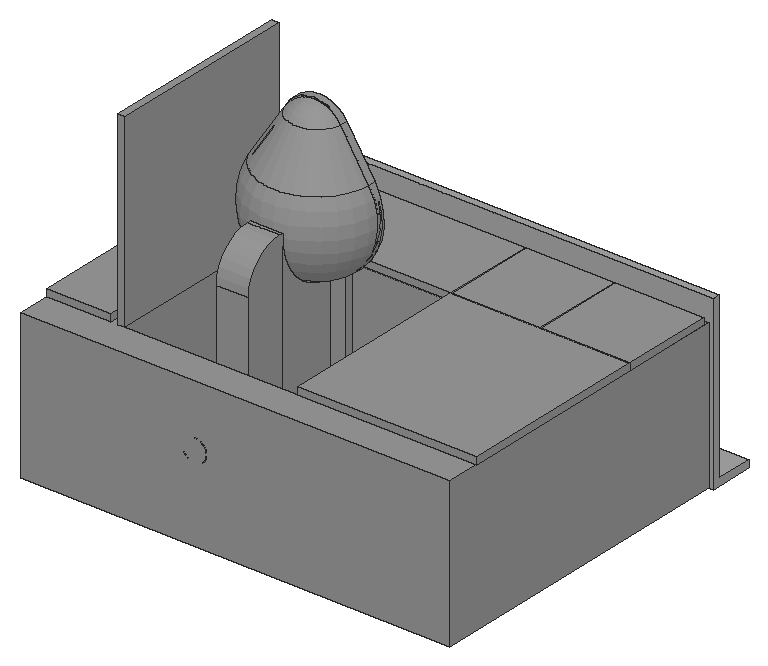
Revit family "Modular_Patient_Care_Unit-Willoughby-Patient_Care_Unit-WH-1700-L-SFO", category Plumbing Fixtures, Revit 2015
Parameters (values of type "Left-Wall Outlet")
  Waste RAD [instance] = Waste DIA / 2  # 1 1/4"
  Waste DIA [instance] = 2 1/2"
  Waste Connection = yes
  Vent Connection = no
  URL = "https://www.willoughby-ind.com/wp-content/uploads/2018/01/WH-1700.pdf"
  Type Comments = ""
  Stainless Steel = Stainless Steel AISI 304-Willoughby
  Solid Polymer Finish = Polyethylene, High Density
  Revision = "A"
  Model = "WH-1700-L-SFO"
  Manufacturer = "Willoughby Industries"
  Lav Inlets RAD [instance] = Lav Inlets DIA / 2  # 1/4"
  Lav Inlets DIA [instance] = 1/2"
  Lav Drain DIA [instance] = 1"
  Lav DR-RAD [instance] = Lav Drain DIA / 2  # 1/2"
  HW Connection = yes
  Flush inlet RAD [instance] = Flush inlet DIA / 2  # 1/2"
  Flush inlet DIA [instance] = 1"
  Flush Inlet Connection = yes
  Dialysis Drain DIA [instance] = 1 1/2"
  Dialysis Box Inlets DIA [instance] = 1/2"
  Description = "Left Floor Outlet Patient Care Unit"
  Default Elevation = 0' - 0"
  DB-RAD [instance] = Dialysis Box Inlets DIA / 2  # 1/4"
  D-Drain RAD [instance] = Dialysis Drain DIA / 2  # 3/4"
  Contact Number = "(800) 428-4065"
  CW Connection = yes
  Bed Pan Inlet RAD [instance] = Bed Pan Inlet DIA / 2  # 1/4"
  Bed Pan Inlet DIA [instance] = 1/2"
  Aquasurf Solid Surface = Solid Surface Acrylic Resin-Willoughby
Reference planes (in)
  plane 1 "Base": y = -16.25
  plane 2: z = 0
  plane 3 "Center": x = 18.31072
  plane 4: y = 23.75
  plane 5: z = 36.625
  plane 6: y = 0.75
  plane 7 "Waste": y = -11
  plane 8 "D-HGT": y = 17.5
  plane 9 "Flush Inlet": y = 10.25
  plane 10 "D-Drain HT": y = 4.875
  plane 11 "Bed Pan Inlet": y = 13.25
  plane 12: y = 9.25
  plane 13: y = 7
  plane 14: x = 24.49822
  plane 15: x = 20.49822
  plane 16: x = 14.74822
  plane 17: x = 42.68572
  plane 18: x = 39.81072
  plane 19: x = 36.31072
  plane 20: x = -1.18928
  plane 21: x = 46.56072
  plane 22 "Center Line": x = 23.56072
  plane 23: x = 27.06072
  plane 24: x = 4.81072
Forms (in)
  Extrusion 1, solid, material "Stainless Steel AISI 304-Willoughby" <- "Stainless Steel"
    sketch origin (16.08109, 9.45936, 3.7328) x (-1, 0, 0) y (0, 0, -1)
      loop
        line (1.29775, -16.80087) -> (1.29775, 0.9078) -> (-5.72963, 0.9078) -> (-5.72963, -16.81676)
        arc (-5.72963, -16.81676) -> (-8.98136, -21.11843) -> (-8.21015, -26.45542) r 7
        line (-8.21015, -26.45542) -> (-5.16818, -31.31054)
        arc (-5.16818, -31.31054) -> (-2.20225, -32.95225) -> (0.76368, -31.31054) r 3.5
        line (0.76368, -31.31054) -> (3.80565, -26.45542)
        arc (3.80565, -26.45542) -> (4.5729, -21.10311) -> (1.29775, -16.80087) r 7
      loop
        arc (2.03989, -24.70557) -> (-2.20225, -18.23804) -> (-6.44438, -24.70557) r 4.625
        line (-6.44438, -24.70557) -> (-4.04125, -30.23842)
        arc (-4.04125, -30.23842) -> (-2.20225, -31.45225) -> (-0.36324, -30.23842) r 2
        line (-0.36324, -30.23842) -> (2.03989, -24.70557)
    from 8.72968 to 9.5
  Revolve 2, solid, material "Stainless Steel AISI 304-Willoughby" <- "Stainless Steel"
    sketch origin (19.37246, 0.45936, 6.93674) x (-1, 0, 0) y (0, 0, -1)
      loop
        line (1.06174, -12.59906) -> (1.06174, -12.84906)
        arc (1.06174, -12.84906) -> (6.96784, -16.33096) -> (6.78077, -23.18447) r 6.75
        line (6.78077, -23.18447) -> (3.81535, -27.91457)
        arc (3.81535, -27.91457) -> (2.63527, -29.03194) -> (1.06174, -29.43826) r 3.25
        line (1.06174, -29.43826) -> (1.06174, -29.68826)
        arc (1.06174, -29.68826) -> (2.75672, -29.25045) -> (4.02767, -28.04656) r 3.5
        line (4.02767, -28.04656) -> (7.06964, -23.19143)
        arc (7.06964, -23.19143) -> (7.15052, -16.14555) -> (1.06174, -12.59906) r 7
      axis (1.06174, -12.59906) -> (1.06174, -29.68826)
    angle from 0 to -180
  Extrusion 3, solid, material "Stainless Steel AISI 304-Willoughby" <- "Stainless Steel"
    sketch origin (19.53334, -1.02032, 5.9242) x (0, 1, 0) y (0, 0, 1)
      loop
        line (-5.48285, -3.0992) -> (0.97968, -3.0992) -> (0.97968, 13.76202)
        arc (0.97968, 13.76202) -> (-3.33475, 15.6078) -> (-5.48285, 19.77995) r 6.92744
        line (-5.48285, 19.77995) -> (-5.48285, -3.0992)
    from 0.52738 to -2.97262
  Extrusion 4, solid, material "Stainless Steel AISI 304-Willoughby" <- "Stainless Steel"
    sketch origin (17.03334, 29.33792, 6.56919) x (0, 1, 0) y (0, 0, 1)
      loop
        line (-35.84109, -3.74419) -> (-35.84109, 20.30581) -> (-36.18717, 20.30581)
        arc (-36.18717, 20.30581) -> (-39.21058, 19.05347) -> (-40.46292, 16.03006) r 4.27575
        line (-40.46292, 16.03006) -> (-40.46292, -3.74419) -> (-35.84109, -3.74419)
    from -0.47262 to 3.02738
  Extrusion 5, solid, material "Solid Surface Acrylic Resin-Willoughby" <- "Aquasurf Solid Surface"
    sketch origin (36.62144, -16.25, 0) x (-1, 0, 0) y (0, 0, -1)
      loop
        line (37.81072, -0.825) -> (37.81072, 0) -> (-9.93928, 0) -> (-9.93928, -0.825) -> (37.81072, -0.825)
    from -40 to -35.25
  Extrusion 6, solid, material "Solid Surface Acrylic Resin-Willoughby" <- "Aquasurf Solid Surface"
    sketch origin (0, -16.25, 0) x (1, 0, 0) y (0, 0, 1)
      loop
        line (-1.18928, 0) -> (46.56072, 0) -> (46.56072, 18.625) -> (-1.18928, 18.625) -> (-1.18928, 0)
    from -36 to -35.25
  Extrusion 7, solid, material "Stainless Steel AISI 304-Willoughby" <- "Stainless Steel"
    sketch origin (36.62144, -16.25, 0) x (-1, 0, 0) y (0, 0, -1)
      loop
        line (37.31072, 0) -> (-9.43928, 0) -> (-9.43928, -16.125) -> (37.31072, -16.125) -> (37.31072, 0)
    from -35.25 to 0
  Extrusion 8, void, detail levels fine
    sketch origin (36.62144, -16.25, 0) x (-1, 0, 0) y (0, 0, -1)
      loop
        line (29.56072, -16.125) -> (29.56072, -2.825) -> (-7.43928, -2.825) -> (-7.43928, -16.125) -> (29.56072, -16.125)
    from -3.625 to -24.5
  Extrusion 9, solid, material "Polyethylene, High Density" <- "Solid Polymer Finish"
    sketch origin (36.62144, -16.25, 0) x (-1, 0, 0) y (0, 0, -1)
      loop
        line (9.99822, -16.125) -> (-9.43928, -16.125) -> (-9.43928, -16.875) -> (9.99822, -16.875) -> (9.99822, -16.125)
    from -3.625 to -24.5
  Extrusion 10, solid, material "Polyethylene, High Density" <- "Solid Polymer Finish"
    sketch origin (36.62144, 4.625, 0) x (-1, 0, 0) y (0, 0, -1)
      loop
        line (0.31072, -16.125) -> (-9.43928, -16.125) -> (-9.43928, -16.875) -> (0.31072, -16.875) -> (0.31072, -16.125)
    from -3.625 to -13.75
  Extrusion 11, solid, material "Polyethylene, High Density" <- "Solid Polymer Finish"
    sketch origin (9.71531, 4.625, 0) x (-1, 0, 0) y (0, 0, -1)
      loop
        line (3.4046, -16.125) -> (-16.9079, -16.125) -> (-16.9079, -16.875) -> (3.4046, -16.875) -> (3.4046, -16.125)
    from -3.625 to -13.75
  Extrusion 12, solid, material "Polyethylene, High Density" <- "Solid Polymer Finish"
    sketch origin (23.43419, 4.625, 0) x (-1, 0, 0) y (0, 0, -1)
      loop
        line (-3.18903, -16.125) -> (-12.87653, -16.125) -> (-12.87653, -16.875) -> (-3.18903, -16.875) -> (-3.18903, -16.125)
    from -3.625 to -13.75
  Extrusion 13, solid, material "Polyethylene, High Density" <- "Solid Polymer Finish"
    sketch origin (23.93572, -16.25, 26.12322) x (0, 0, -1) y (1, 0, 0)
      loop
        line (9.99822, -16.125) -> (-10.50178, -16.125) -> (-10.50178, -16.875) -> (9.99822, -16.875) -> (9.99822, -16.125)
    from -3.625 to -24.5
  Extrusion 14, void, detail levels fine
    sketch origin (34.18394, 19.75, 0.4565) x (-1, 0, 0) y (0, 0, -1)
      loop
        arc (5.56072, -14.67585) -> (6.97493, -14.09007) -> (7.56072, -12.67585) r 2
        line (7.56072, -12.67585) -> (7.56072, -5.30085)
        arc (7.56072, -5.30085) -> (6.97493, -3.88664) -> (5.56072, -3.30085) r 2
        line (5.56072, -3.30085) -> (-4.68928, -3.30085)
        arc (-4.68928, -3.30085) -> (-6.10349, -3.88664) -> (-6.68928, -5.30085) r 2
        line (-6.68928, -5.30085) -> (-6.68928, -12.67585)
        arc (-6.68928, -12.67585) -> (-6.10349, -14.09007) -> (-4.68928, -14.67585) r 2
        line (-4.68928, -14.67585) -> (5.56072, -14.67585)
    from 0 to 8
  Extrusion 15, solid, material "Stainless Steel AISI 304-Willoughby" <- "Stainless Steel"
    sketch origin (36.62144, -16.25, -1.625) x (-1, 0, 0) y (0, 0, 1)
      loop
        circle (18.31072, 11) r 1.25
    from 0 to 5.125
  Extrusion 16, solid, material "Stainless Steel AISI 304-Willoughby" <- "Stainless Steel"
    sketch origin (38.20446, 1.46689, 0) x (-1, 0, 0) y (0, -1, 0)
      loop
        circle (13.70624, -16.03311) r 0.25
    from 0 to 0.486
  Extrusion 17, solid, material "Stainless Steel AISI 304-Willoughby" <- "Stainless Steel"
    sketch origin (33.77303, 1.29431, 0) x (-1, 0, 0) y (0, -1, 0)
      loop
        circle (13.27481, -16.20569) r 0.25
    from 0 to 0.486
  Extrusion 18, solid, material "Stainless Steel AISI 304-Willoughby" <- "Stainless Steel"
    sketch origin (37.05894, 0, 0) x (-1, 0, 0) y (0, -1, 0)
      loop
        circle (9.99822, -10.25) r 0.5
    from 0 to 1
  Extrusion 19, solid, material "Stainless Steel AISI 304-Willoughby" <- "Stainless Steel"
    sketch origin (36.99644, 0, 0) x (-1, 0, 0) y (0, -1, 0)
      loop
        circle (22.24822, -4.875) r 0.75
    from 0 to 1
  Extrusion 20, solid, material "Stainless Steel AISI 304-Willoughby" <- "Stainless Steel"
    sketch origin (36.99644, 0, 0) x (-1, 0, 0) y (0, -1, 0)
      loop
        circle (-5.68928, -9.25) r 0.25
    from 0 to 1
  Extrusion 21, solid, material "Stainless Steel AISI 304-Willoughby" <- "Stainless Steel"
    sketch origin (36.99644, 0, 0) x (-1, 0, 0) y (0, -1, 0)
      loop
        circle (-2.81428, -9.25) r 0.25
    from 0 to 1
  Extrusion 22, solid, material "Stainless Steel AISI 304-Willoughby" <- "Stainless Steel"
    sketch origin (36.99644, 0, 0) x (-1, 0, 0) y (0, -1, 0)
      loop
        circle (0.68572, -7) r 0.5
    from 0 to 1
  Extrusion 23, solid, material "Polyethylene, High Density" <- "Solid Polymer Finish"
    sketch origin (10.15956, -16.25, 0.35333) x (-1, 0, 0) y (0, 0, -1)
      loop
        line (10.84884, -15.77167) -> (3.84884, -15.77167) -> (3.84884, -16.52167) -> (10.84884, -16.52167) -> (10.84884, -15.77167)
    from -3.625 to -34.625
  Extrusion 24, solid, material "Stainless Steel AISI 304-Willoughby" <- "Stainless Steel"
    sketch origin (27.05894, 8.375, 0) x (-1, 0, 0) y (0, -1, 0)
      loop
        circle (22.24822, -4.875) r 0.25
    from 0 to 1
Cuts and joins
  Extrusion 8 cuts Extrusion 9
  Extrusion 8 cuts Extrusion 10
  Extrusion 8 cuts Extrusion 11
  Extrusion 8 cuts Extrusion 12
  Extrusion 8 cuts Extrusion 13
  Extrusion 8 cuts Extrusion 15
  Extrusion 14 cuts Extrusion 6
  joined: Extrusion 5, Extrusion 6
  Extrusion 8, Extrusion 14 cuts Extrusion 7
Lines and regions (in)
  symbolic lines
    curve 1: line (46.06072, 19, 0) -> (46.06072, -16.25, 0)
    curve 2: line (46.06072, -16.25, 0) -> (-0.68928, -16.25, 0)
    curve 3: line (-0.68928, -16.25, 0) -> (-0.68928, 19, 0)
    curve 4: line (-1.18928, 19, 0) -> (46.56072, 19, 0)
    curve 5: line (46.56072, 19, 0) -> (46.56072, 23.75, 0)
    curve 6: line (46.56072, 23.75, 0) -> (-1.18928, 23.75, 0)
    curve 7: line (-1.18928, 23.75, 0) -> (-1.18928, 19, 0)
    curve 8: line (-1.18928, 19.75, 0) -> (46.56072, 19.75, 0)
    curve 9: line (-0.68928, 18.375, 0) -> (46.06072, 18.375, 0)
    curve 14: line (46.06072, -12.625, 0) -> (7.06072, -12.625, 0)
    curve 20: line (11.28334, 0.72968, 0) -> (25.28334, 0.72968, 0)
    curve 21: line (25.28334, 0.72968, 0) -> (25.28334, -0.04064, 0)
    curve 22: line (11.28334, 0.72968, 0) -> (11.28334, -0.04064, 0)
    curve 23: line (11.28334, -0.04064, 0) -> (25.28334, -0.04064, 0)
    curve 24: line (11.28334, 0.45936, 0) -> (25.28334, 0.45936, 0)
    curve 25: arc (11.28334, -0.04064, 0) -> (13.52203, -4.65834, 0) -> (18.31072, -6.50317, 0) r 6.99071
    curve 26: arc (18.31072, -6.50317, 0) -> (23.08332, -4.65973, 0) -> (25.28334, -0.04064, 0) r 6.91665
    curve 27: line (16.56072, -6.29521, 0) -> (16.56072, -11.125, 0)
    curve 28: line (16.56072, -11.125, 0) -> (20.06072, -11.125, 0)
    curve 29: line (20.06072, -11.125, 0) -> (20.06072, -6.29662, 0)
    curve 30: line (-1.18928, -16.25, 0) -> (46.56072, -16.25, 0)
    curve 31: line (46.56072, -16.25, 0) -> (46.56072, -16.25, 18.625)
    curve 32: line (46.56072, -16.25, 18.625) -> (-1.18928, -16.25, 18.625)
    curve 33: line (-1.18928, -16.25, 18.625) -> (-1.18928, -16.25, 0)
    curve 34: line (-1.18928, -16.25, 0.825) -> (46.56072, -16.25, 0.825)
    curve 60: line (18.31072, -16.25, 0) -> (18.31072, 19, 0)
    curve 61: line (18.31072, 19, 0) -> (18.31072, 19, 16.125)
    curve 62: line (18.31072, 19, 16.125) -> (18.31072, -16.25, 16.125)
    curve 63: line (18.31072, -16.25, 16.125) -> (18.31072, -16.25, 0)
  symbolic lines, detail levels medium+fine
    curve 10: line (-0.68928, -12.625, 0) -> (6.31072, -12.625, 0)
    curve 11: line (6.31072, -12.625, 0) -> (6.31072, 18.375, 0)
    curve 12: line (6.31072, 8.25, 0) -> (46.06072, 8.25, 0)
    curve 13: line (44.06072, 8.25, 0) -> (44.06072, -12.625, 0)
    curve 15: line (7.06072, -12.625, 0) -> (7.06072, 8.25, 0)
    curve 16: line (7.81072, 8.25, 0) -> (7.81072, -12.625, 0)
    curve 17: line (26.62322, 8.25, 0) -> (26.62322, -12.625, 0)
    curve 18: line (36.31072, 8.25, 0) -> (36.31072, 18.375, 0)
    curve 19: line (26.62322, 8.25, 0) -> (26.62322, 18.375, 0)
    curve 35: line (7.81072, -16.25, 36.625) -> (7.81072, -16.25, 18.625)
    curve 36: line (7.81072, -16.25, 36.625) -> (7.06072, -16.25, 36.625)
    curve 37: line (7.06072, -16.25, 36.625) -> (7.06072, -16.25, 18.625)
    curve 38: line (14.78334, -16.25, 18.625) -> (14.78334, -16.25, 20.53367)
    curve 39: line (21.81072, -16.25, 18.625) -> (21.81072, -16.25, 20.54956)
    curve 40: arc (21.81072, -16.25, 20.54956) -> (25.08834, -16.25, 24.84457) -> (24.29124, -16.25, 30.18822) r 6.93761
    curve 41: line (24.29124, -16.25, 30.18822) -> (21.24927, -16.25, 35.04335)
    curve 42: arc (21.24927, -16.25, 35.04335) -> (19.98923, -16.25, 36.22292) -> (18.31072, -16.25, 36.625) r 3.37397
    curve 43: arc (18.31072, -16.25, 36.625) -> (16.62783, -16.25, 36.18663) -> (15.31741, -16.25, 35.04335) r 3.79331
    curve 44: line (15.31741, -16.25, 35.04335) -> (12.35249, -16.25, 30.31405)
    curve 45: arc (12.35249, -16.25, 30.31405) -> (11.49002, -16.25, 24.90741) -> (14.78334, -16.25, 20.53367) r 7
    curve 46: arc (14.78334, -16.25, 20.53367) -> (18.28334, -16.25, 19.45342) -> (21.78334, -16.25, 20.53367) r 6.21011
    curve 64: line (18.31072, 18.375, 16.125) -> (18.31072, 18.375, 16.875)
    curve 65: line (18.31072, 18.375, 16.875) -> (18.31072, -12.625, 16.875)
    curve 66: line (18.31072, -12.625, 16.875) -> (18.31072, -12.625, 16.125)
    curve 70: line (18.31072, 19, 0) -> (18.31072, 23.75, 0)
    curve 71: line (18.31072, 23.75, 0) -> (18.31072, 23.75, 0.825)
    curve 72: line (18.31072, 23.75, 0.825) -> (18.31072, 19.75, 0.825)
    curve 73: line (18.31072, 19.75, 0.825) -> (18.31072, 19.75, 18.625)
    curve 74: line (18.31072, 19.75, 18.625) -> (18.31072, 19, 18.625)
    curve 75: line (18.31072, 19, 18.625) -> (18.31072, 19, 16.125)
  symbolic lines, detail levels fine
    curve 47: arc (20.11778, -16.25, 33.98181) -> (19.38026, -16.25, 34.8574) -> (18.28334, -16.25, 35.18505) r 2
    curve 48: arc (18.28334, -16.25, 35.18505) -> (17.1816, -16.25, 34.85423) -> (16.44433, -16.25, 33.97122) r 2
    curve 49: line (16.44433, -16.25, 33.97122) -> (14.0412, -16.25, 28.43837)
    curve 50: arc (14.0412, -16.25, 28.43837) -> (18.28332, -16.25, 21.97085) -> (22.52548, -16.25, 28.43835) r 4.625
    curve 51: line (22.52548, -16.25, 28.43835) -> (20.11778, -16.25, 33.98181)
    curve 52: line (38.87322, -16.25, 15.13236) -> (28.62322, -16.25, 15.13236)
    curve 53: line (26.62322, -16.25, 13.13236) -> (26.62322, -16.25, 5.75736)
    curve 54: line (28.62322, -16.25, 3.75736) -> (38.87322, -16.25, 3.75736)
    curve 55: line (40.87322, -16.25, 5.75736) -> (40.87322, -16.25, 13.13236)
    curve 56: arc (40.87322, -16.25, 13.13236) -> (40.28743, -16.25, 14.54657) -> (38.87322, -16.25, 15.13236) r 2
    curve 57: arc (28.62322, -16.25, 15.13236) -> (27.20901, -16.25, 14.54657) -> (26.62322, -16.25, 13.13236) r 2
    curve 58: arc (26.62322, -16.25, 5.75736) -> (27.20901, -16.25, 4.34314) -> (28.62322, -16.25, 3.75736) r 2
    curve 59: arc (38.87322, -16.25, 3.75736) -> (40.28743, -16.25, 4.34314) -> (40.87322, -16.25, 5.75736) r 2
    curve 67: line (18.31072, 8.25, 16.875) -> (18.31072, 8.25, 36.625)
    curve 68: line (18.31072, 8.25, 36.625) -> (18.31072, -12.625, 36.625)
    curve 69: line (18.31072, -12.625, 36.625) -> (18.31072, -12.625, 16.875)
Dimensions and locks (in)
  locked: plane 1 "Base" to plane 7 "Waste" at 5.25
  locked: plane 1 "Base" to plane 9 "Flush Inlet" at 26.5
  locked: plane 1 "Base" to plane 10 "D-Drain HT" at 21.125
  locked: plane 1 "Base" to plane 12 at 25.5
  locked: plane 1 "Base" to plane 13 at 23.25
  locked: level to cut or joined group of Extrusion 5, Extrusion 6, Extrusion 14 at 18.625
  locked: plane 4 to plane 1 "Base" at 40
  locked: plane 20 to plane 21 at 47.75
  locked: plane 22 "Center Line" to plane 19 at 12.75
  locked: plane 1 "Base" to plane 8 "D-HGT" at 33.75
  locked: plane 24 to plane 22 "Center Line" at 18.75
  locked: plane 1 "Base" to plane 11 "Bed Pan Inlet" at 29.5
  locked: plane 16 to plane 22 "Center Line" at 8.8125
  locked: plane 15 to plane 22 "Center Line" at 3.0625
  locked: plane 22 "Center Line" to plane 14 at 0.9375
  locked: plane 22 "Center Line" to plane 23 at 3.5
  locked: plane 3 "Center" to plane 22 "Center Line" at 5.25
  locked: plane 22 "Center Line" to plane 18 at 16.25
  locked: plane 22 "Center Line" to plane 17 at 19.125
  locked: plane 20 to plane 22 "Center Line" at 24.75
  locked: plane 22 "Center Line" to plane 21 at 23
  locked: plane 1 "Base" to plane 4 at 40
  locked: level to cut or joined group of Extrusion 7, Extrusion 8, Extrusion 14 at 16.125
  cut or joined group of Extrusion 7, Extrusion 8, Extrusion 14 to plane 22 "Center Line" to cut or joined group of Extrusion 7, Extrusion 8, Extrusion 14 = 2' - 0 1/4" locked, 1' - 10 1/2" locked
  locked: plane 22 "Center Line" to plane 20 at 24.75
  locked: cut or joined group of Extrusion 7, Extrusion 8, Extrusion 14 to cut or joined group of Extrusion 7, Extrusion 8, Extrusion 14 at 37
  locked: cut or joined group of Extrusion 5, Extrusion 6, Extrusion 14 to cut or joined group of Extrusion 7, Extrusion 8, Extrusion 14 at 2.5
  locked: cut or joined group of Extrusion 7, Extrusion 8, Extrusion 14 to cut or joined group of Extrusion 7, Extrusion 8, Extrusion 14 at 13.3
  locked: cut or joined group of Extrusion 7, Extrusion 8, Extrusion 14 to cut or joined group of Extrusion 7, Extrusion 8, Extrusion 14 at 2
  locked: cut or joined group of Extrusion 5, Extrusion 6, Extrusion 14 to cut or joined group of Extrusion 5, Extrusion 6, Extrusion 14 at 11.375
  locked: cut or joined group of Extrusion 5, Extrusion 6, Extrusion 14 to cut or joined group of Extrusion 5, Extrusion 6, Extrusion 14 at 14.25
  locked: cut or joined group of Extrusion 7, Extrusion 8, Extrusion 14 to cut or joined group of Extrusion 5, Extrusion 6, Extrusion 14 at 5.1875
  locked: cut or joined group of Extrusion 5, Extrusion 6, Extrusion 14 to cut or joined group of Extrusion 5, Extrusion 6, Extrusion 14 at 3.49264
  locked: cut or joined group of Extrusion 8, Extrusion 13 to cut or joined group of Extrusion 8, Extrusion 13 at 0.75
  Extrusion 1 sketch curve to Extrusion 1 sketch curve = 0' - 7.02738"
  Extrusion 1 sketch curve to Extrusion 1 sketch curve = 0' - 6.5892"
  locked: level to Extrusion 1 sketch curve at 26.59585
  locked: Extrusion 1 sketch curve to Extrusion 1 sketch curve at 6.5892
  locked: Extrusion 3 to Extrusion 4 sketch curve at 4.62183
  locked: Extrusion 1 to Extrusion 4 at 6.46253
  locked: Extrusion 3 sketch curve to level at 25.70414
  locked: cut or joined group of Extrusion 7, Extrusion 8, Extrusion 14 to cut or joined group of Extrusion 8, Extrusion 12 at 0.75
  locked: cut or joined group of Extrusion 8, Extrusion 12 to cut or joined group of Extrusion 8, Extrusion 12 at 9.6875
  locked: Extrusion 23 sketch curve to cut or joined group of Extrusion 7, Extrusion 8, Extrusion 14 at 0.75
  locked: Extrusion 23 sketch curve to Extrusion 23 sketch curve at 7
  locked: Extrusion 11 sketch curve to Extrusion 11 sketch curve at 0.75
  locked: Extrusion 10 sketch curve to Extrusion 10 sketch curve at 0.75
  locked: Extrusion 10 sketch curve to Extrusion 10 sketch curve at 9.75
  locked: cut or joined group of Extrusion 5, Extrusion 6, Extrusion 14 to plane 22 "Center Line" at 23
  locked: cut or joined group of Extrusion 5, Extrusion 6, Extrusion 14 to plane 22 "Center Line" at 24.75  (x2)
  locked: cut or joined group of Extrusion 5, Extrusion 6, Extrusion 14 to cut or joined group of Extrusion 5, Extrusion 6, Extrusion 14 at 47.75
  radius of cut or joined group of Extrusion 5, Extrusion 6, Extrusion 14 = 0' - 2"  (x4)
  radius of Extrusion 1 sketch curve = 0' - 4 5/8"
  radius of Extrusion 1 sketch curve = 0' - 7"
  radius of Extrusion 1 sketch curve = 0' - 2"
  radius of Extrusion 1 sketch curve = 0' - 3 1/2"
  radius of Extrusion 4 sketch curve = 0' - 4.27575"
  radius of Extrusion 3 sketch curve = 0' - 6.92744"
  radius of Revolve 2 sketch curve = 0' - 3 1/4"
  radius of Extrusion 1 = 0' - 3 1/2"
  radius of Extrusion 1 = 0' - 7"
  locked: Extrusion 1 sketch curve to Extrusion 1 sketch curve (angle 46.9544°)
  aligned and locked: cut or joined group of Extrusion 5, Extrusion 6, Extrusion 14 to plane 21  (x5)
  aligned: Extrusion 9 to Extrusion 8
  aligned and locked: cut or joined group of Extrusion 5, Extrusion 6, Extrusion 14 to plane 20  (x3)
  aligned and locked: Extrusion 7 to Extrusion 23
  aligned and locked: plane 5 to cut or joined group of Extrusion 8, Extrusion 13
  aligned and locked: plane 1 "Base" to cut or joined group of Extrusion 7, Extrusion 8, Extrusion 14
  aligned and locked: cut or joined group of Extrusion 5, Extrusion 6, Extrusion 14 to cut or joined group of Extrusion 5, Extrusion 6, Extrusion 14  (x5)
  aligned and locked: cut or joined group of Extrusion 8, Extrusion 13 to Extrusion 23
  aligned and locked: plane 8 "D-HGT" to Extrusion 16 sketch curve
  aligned and locked: plane 14 to Extrusion 16 sketch curve
  aligned and locked: cut or joined group of Extrusion 5, Extrusion 6, Extrusion 14 to level
  aligned and locked: cut or joined group of Extrusion 7, Extrusion 8, Extrusion 14 to cut or joined group of Extrusion 5, Extrusion 6, Extrusion 14  (x4)
  aligned and locked: cut or joined group of Extrusion 8, Extrusion 13 to plane 5
  aligned and locked: cut or joined group of Extrusion 8, Extrusion 13 to cut or joined group of Extrusion 8, Extrusion 13  (x2)
  aligned and locked: plane 20 to cut or joined group of Extrusion 5, Extrusion 6, Extrusion 14
  aligned and locked: plane 21 to cut or joined group of Extrusion 5, Extrusion 6, Extrusion 14
  aligned and locked: plane 4 to cut or joined group of Extrusion 5, Extrusion 6, Extrusion 14
  aligned and locked: level to Extrusion 7 sketch curve
  aligned and locked: plane 2 to Extrusion 7 sketch curve
  aligned and locked: Extrusion 8 sketch curve to cut or joined group of Extrusion 7, Extrusion 8, Extrusion 14
  aligned and locked: cut or joined group of Extrusion 7, Extrusion 8, Extrusion 14 to Extrusion 13 sketch curve  (x3)
  aligned and locked: plane 5 to Extrusion 13 sketch curve  (x3)
  aligned and locked: Extrusion 13 sketch curve to cut or joined group of Extrusion 7, Extrusion 8, Extrusion 14
  aligned and locked: Extrusion 1 sketch curve to cut or joined group of Extrusion 7, Extrusion 8, Extrusion 14
  aligned and locked: Extrusion 3 to Extrusion 4 sketch curve
  aligned and locked: Extrusion 4 sketch curve to cut or joined group of Extrusion 7, Extrusion 8, Extrusion 14
  aligned and locked: Extrusion 3 sketch curve to Extrusion 1
  aligned and locked: Extrusion 3 sketch curve to cut or joined group of Extrusion 7, Extrusion 8, Extrusion 14
  aligned and locked: Extrusion 12 sketch curve to cut or joined group of Extrusion 7, Extrusion 8, Extrusion 14
  aligned and locked: Extrusion 12 sketch curve to cut or joined group of Extrusion 8, Extrusion 10
  aligned and locked: Extrusion 12 sketch curve to cut or joined group of Extrusion 8, Extrusion 9
  aligned and locked: Extrusion 23 sketch curve to Extrusion 23 sketch curve
  aligned and locked: cut or joined group of Extrusion 7, Extrusion 8, Extrusion 14 to Extrusion 23 sketch curve
  aligned and locked: Extrusion 11 sketch curve to cut or joined group of Extrusion 8, Extrusion 9
  aligned and locked: Extrusion 11 sketch curve to Extrusion 23
  aligned and locked: cut or joined group of Extrusion 7, Extrusion 8, Extrusion 14 to Extrusion 11 sketch curve
  aligned and locked: cut or joined group of Extrusion 7, Extrusion 8, Extrusion 14 to Extrusion 10 sketch curve
  aligned and locked: Extrusion 10 sketch curve to cut or joined group of Extrusion 7, Extrusion 8, Extrusion 14
  aligned and locked: Extrusion 5 sketch curve to cut or joined group of Extrusion 5, Extrusion 6, Extrusion 14  (x2)
  aligned and locked: Extrusion 6 sketch curve to plane 20
  aligned and locked: Extrusion 6 sketch curve to plane 21
  aligned and locked: Extrusion 6 sketch curve to plane 2
  aligned and locked: Extrusion 15 to Extrusion 4
Connectors (in)
  piping at (18.31072, -16.25, 9.375), diameter 2.5, driven by "Waste RAD", driven by "Waste Connection"
    settings: on Extrusion 15, index 10, connector inside diameter 2 1/2", connector length 0' - 0", flow factor 0, pipe flow 0 GPM, pressure drop 0.00 psi, fitting loss kfactor 0, connector angle 0.00°, fixture units 0, engagement length 0' - 0", angle of deflection 0.00°, flow configuration 0, flow direction 2, fitting loss method 0, system type 16, joint type 0, gender type 0, connector reference index -1, connector utility 1, adjustable connector no, is connector primary yes, connector description "Waste"
  piping at (20.49822, 17.5, 0), diameter 0.5, driven by "DB-RAD", driven by "HW Connection"
    settings: on Extrusion 17, index 11, connector inside diameter 1/2", connector length 0' - 0", flow factor 0, pipe flow 0 GPM, pressure drop 0.00 psi, fitting loss kfactor 0, connector angle 0.00°, fixture units 0, engagement length 0' - 0", angle of deflection 0.00°, flow configuration 0, flow direction 1, fitting loss method 0, system type 19, joint type 0, gender type 0, connector reference index -1, connector utility 1, adjustable connector no, is connector primary no, connector description "Dialysis Hot"
  piping at (24.49822, 17.5, 0), diameter 0.5, driven by "DB-RAD", driven by "CW Connection"
    settings: on Extrusion 16, index 12, connector inside diameter 1/2", connector length 0' - 0", flow factor 0, pipe flow 0 GPM, pressure drop 0.00 psi, fitting loss kfactor 0, connector angle 0.00°, fixture units 0, engagement length 0' - 0", angle of deflection 0.00°, flow configuration 0, flow direction 1, fitting loss method 0, system type 20, joint type 0, gender type 0, connector reference index -1, connector utility 1, adjustable connector no, is connector primary no, connector description "Dialysis Cold"
  piping at (27.06072, 10.25, 0), diameter 1, driven by "Flush inlet RAD", driven by "Flush Inlet Connection"
    settings: on Extrusion 18, index 13, connector inside diameter 1", connector length 0' - 0", flow factor 0, pipe flow 0 GPM, pressure drop 0.00 psi, fitting loss kfactor 0, connector angle 0.00°, fixture units 0, engagement length 0' - 0", angle of deflection 0.00°, flow configuration 0, flow direction 1, fitting loss method 0, system type 20, joint type 0, gender type 0, connector reference index -1, connector utility 1, adjustable connector no, is connector primary no, connector description "Flush Inlet"
  piping at (14.74822, 4.875, 0), diameter 1.5, driven by "D-Drain RAD", driven by "Waste Connection"
    settings: on Extrusion 19, index 14, connector inside diameter 1 1/2", connector length 0' - 0", flow factor 0, pipe flow 0 GPM, pressure drop 0.00 psi, fitting loss kfactor 0, connector angle 0.00°, fixture units 0, engagement length 0' - 0", angle of deflection 0.00°, flow configuration 0, flow direction 2, fitting loss method 0, system type 16, joint type 0, gender type 0, connector reference index -1, connector utility 1, adjustable connector no, is connector primary no, connector description "Dialysis Drain"
  piping at (42.68572, 9.25, 0), diameter 0.5, driven by "Lav Inlets RAD", driven by "CW Connection"
    settings: on Extrusion 20, index 16, connector inside diameter 1/2", connector length 0' - 0", flow factor 0, pipe flow 0 GPM, pressure drop 0.00 psi, fitting loss kfactor 0, connector angle 0.00°, fixture units 0, engagement length 0' - 0", angle of deflection 0.00°, flow configuration 0, flow direction 1, fitting loss method 0, system type 20, joint type 0, gender type 0, connector reference index -1, connector utility 1, adjustable connector no, is connector primary no, connector description "Lav Cold"
  piping at (39.81072, 9.25, 0), diameter 0.5, driven by "Lav Inlets RAD", driven by "HW Connection"
    settings: on Extrusion 21, index 17, connector inside diameter 1/2", connector length 0' - 0", flow factor 0, pipe flow 0 GPM, pressure drop 0.00 psi, fitting loss kfactor 0, connector angle 0.00°, fixture units 0, engagement length 0' - 0", angle of deflection 0.00°, flow configuration 0, flow direction 1, fitting loss method 0, system type 19, joint type 0, gender type 0, connector reference index -1, connector utility 1, adjustable connector no, is connector primary no, connector description "Lav Hot"
  piping at (36.31072, 7, 0), diameter 1, driven by "Lav DR-RAD", driven by "Waste Connection"
    settings: on Extrusion 22, index 18, connector inside diameter 1", connector length 0' - 0", flow factor 0, pipe flow 0 GPM, pressure drop 0.00 psi, fitting loss kfactor 0, connector angle 0.00°, fixture units 0, engagement length 0' - 0", angle of deflection 0.00°, flow configuration 0, flow direction 2, fitting loss method 0, system type 16, joint type 0, gender type 0, connector reference index -1, connector utility 1, adjustable connector no, is connector primary no, connector description "Lav Drain"
  piping at (4.81072, 13.25, 1), diameter 0.5, driven by "Bed Pan Inlet RAD", driven by "CW Connection"
    settings: on Extrusion 24, index 19, connector inside diameter 1/2", connector length 0' - 0", flow factor 0, pipe flow 0 GPM, pressure drop 0.00 psi, fitting loss kfactor 0, connector angle 0.00°, fixture units 0, engagement length 0' - 0", angle of deflection 0.00°, flow configuration 0, flow direction 1, fitting loss method 0, system type 20, joint type 0, gender type 0, connector reference index -1, connector utility 1, adjustable connector yes, is connector primary no, connector description "Bed Pan Inlet"
